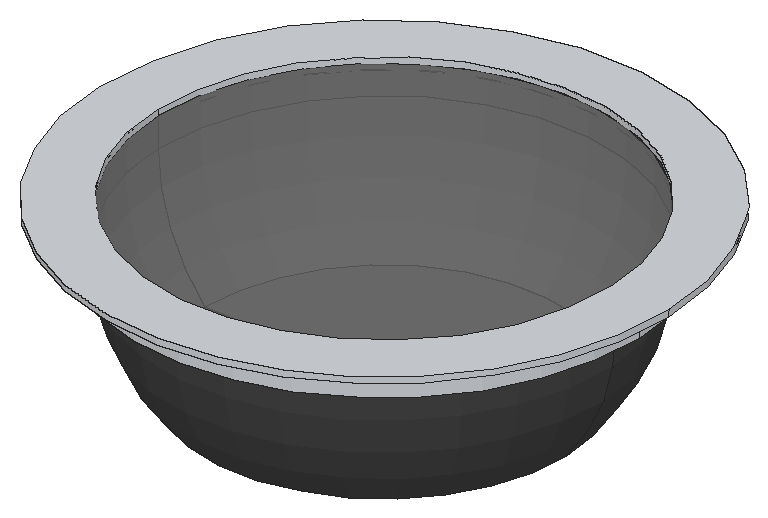
Revit family "3031852 Lighting Fixture_Sylvania_Syl-Lighter II_Ceiling Recessed", category Lighting Fixtures, host Face, Revit 2017
Family settings
  Host = Face
  Round Connector Dimension = Use Diameter
  Part Type = Normal
  OmniClass Number = 23.80.70.11.17
  OmniClass Title = Specialized Lighting by Location or Use
  Cut with Voids When Loaded = No
  Light Source = Yes
  Shared = No
  Room Calculation Point = No
Parameters (values of type "Syl-Lighter LED II 195 RO 15W NW 1-10V")
  Weight = 0.45 kg
  Wattage = 15.4875 W
  built-in parameter 1150110 = 1 (stored number, unit not read)
  Voltage Comments = "UNV (Universal Voltage; 220-240 Volt)"  # constant formula
  Voltage = 240 V  # constant formula
  URL = "http://www.sylvania-lighting.com"
  built-in parameter 1114217 = 1 (stored number, unit not read)
  Tilt Angle = -90.00°  # constant formula
  built-in parameter 1150109 = 1 (stored number, unit not read)
  built-in parameter 1150134 = 12
  Ta Rating = "-10°C to +40°C"  # constant formula
  built-in parameter 1150113 = 1 (stored number, unit not read)
  Recessed Depth = Height  # 55.0 mm
  IP Rating = "IP44"  # constant formula
  IK Rating = "IK07"  # constant formula
  Energy Class = "A++, A+, A"  # constant formula
  Dimmable = "DALI"  # constant formula
  Catalog Number = "3031852 Syl-Lighter LED II 195 RO 15W NW 1-10V"
  Body Material = Metal_Sylvania_Syl-Lighter LED II_Silver
  Product Page URL = "http://www.sylvania-lighting.com/product/en-int/products/3031852"
  Product Family = "SYL-LIGHTER LED II"  # constant formula
  Photometry Comments = ""
  Photometric Web File = "3031852.ies"
  built-in parameter 1150105 = 121.59 (stored number, unit not read)
  Lumens = 1528 lm
  built-in parameter 1150115 = 1 (stored number, unit not read)
  built-in parameter 1150137 = (empty or 0)
  built-in parameter 1150139 = (empty or 0)
  Life = "50 000h"  # constant formula
  built-in parameter 1150112 = 1 (stored number, unit not read)
  built-in parameter 1150114 = 1 (stored number, unit not read)
  Lamp Comments = "Integrated LED"
  built-in parameter 1150132 = 2
  built-in parameter 1150102 = (empty or 0)
  built-in parameter 1150107 = 4000 (stored number, unit not read)
  built-in parameter 1150138 = (empty or 0)
  built-in parameter 1150106 = 1.2159 (stored number, unit not read)
  Glow Wire Test = 650 °C  # constant formula
  Emit from Circle Diameter = Diffuser Diameter  # 155.0 mm
  Emit Shape Visible in Rendering = no
  built-in parameter 1150104 = 9.1658 (stored number, unit not read)
  Drive Current = "380mA"
  Dimming Lamp Color Temperature Shift = <None>
  Diffuser Radius = Diffuser Diameter / 2  # 77.5 mm
  Diffuser Diameter = Diameter - 20.0 mm  # 155.0 mm
  Inner Diameter = Diameter - 4.0 mm  # 171.0 mm
  Cutout Diameter = Diameter  # 175.0 mm
  Color Filter = 16777215
  Beam Angle = 74.00°
  built-in parameter 1114218 = 1 (stored number, unit not read)
  built-in parameter 1150133 = 10 (stored number, unit not read)
  Height = 55.0 mm
  Electrical Protection = "CLASS II"  # constant formula
  built-in parameter 1114216 [instance] = 1 (stored number, unit not read)
  Model = "Syl-Lighter LED II 195 RO 16W NW 1-10V"
  Manufacturer = "Feilo Sylvania"  # constant formula
  Lamp = "LED"
  Diffuser Material = Polycarbonate_Sylvania_Syl-Lighter LED II_Opal
  Description = "Ceiling recessed IP44 LED downlight, perfect where limited ceiling void is available with only 55mm product depth and 175mm cutout. Ideal replacement for 1x32W/2x18W CFL downlights. The polycarbonate diffuser allows for a wider light distribution and increased spacings between luminiares. Loop in loop out connector allows for quick installation. Die-cast aluminium body, 1528LM, 16W, 96lm/W, 4000K, Driver Current: 380mA, CRI80, 74° beam angle, 1-10V dimmable LED driver, IP44, IK07, 50,000 hrs (L70), (HxW) 55x195mm, 5 step MacAdam ellipse, 0.45kg, RAL9003, Class 2, 220-240V, energy class: A++, A+, A"  # constant formula
  Default Elevation = 0.0 mm
  built-in parameter 1140040 [instance] = 1
  Assembly Code = "D5020200"
  Apparent Load Comments = ""
  Apparent Load = 16 VA
  Accessory Radius = Accessory Diameter / 2  # 97.5 mm
  Accessory Material = Aluminum_Sylvania_Syl-Lighter LED II_White_RAL 9003
  Diameter = 175.0 mm
  Accessory Diameter = 195.0 mm
Reference planes
  plane 1 "Center (Front/Back)": y = 0
  plane 2: z = 0
  plane 3 "Center (Left/Right)": x = 0
  plane 4 "Fixture Bottom": z = 2
  plane 5: z = -10
  plane 6 "Fixture Top": z = -55
  plane 7: z = -2
Forms (mm)
  Extrusion 1, void
    sketch origin (0, 0, 58) x (-1, 0, 0) y (0, -1, 0)
      loop
        circle (0, 0) r 87.5
    from -171 to -55
  Extrusion 2, solid, detail levels fine
    sketch origin (0, 0, 58) x (-1, 0, 0) y (0, -1, 0)
      loop
        circle (0, 0) r 87.5
      loop
        circle (0, 0) r 85.5
    from -68 to -58
  Extrusion 3, solid, detail levels fine
    sketch origin (0, 0, 58) x (-1, 0, 0) y (0, -1, 0)
      loop
        circle (0, 0) r 97.5
      loop
        circle (0, 0) r 77.5
    from -58 to -56
  Extrusion 4, solid, material "Polycarbonate_Sylvania_Syl-Lighter LED II_Opal" <- "Diffuser Material", detail levels fine
    sketch origin (0, 0, 58) x (-1, 0, 0) y (0, -1, 0)
      loop
        circle (0, 0) r 77.5
    from -60 to -58
  Revolve 5, solid, material "Metal_Sylvania_Syl-Lighter LED II_Silver" <- "Body Material", detail levels fine
    sketch origin (0, 0, 0) x (1, 0, 0) y (0, 0, 1)
      loop
        line (-77.5, 0) -> (-79.5, 0) -> (-79.5, -10)
        arc (-79.5, -10) -> (-75.108, -34.052) -> (-62.5, -55) r 68.059
        line (-62.5, -55) -> (0, -55) -> (0, -53) -> (-61.589, -53)
        arc (-61.589, -53) -> (-73.395, -32.925) -> (-77.5, -10) r 66.059
        line (-77.5, -10) -> (-77.5, 0)
      axis (0, -55) -> (0, 0)
    angle from 0 to 360
  Revolve 6, solid, material "Aluminum_Sylvania_Syl-Lighter LED II_White_RAL 9003" <- "Accessory Material", detail levels coarse+medium
    sketch origin (0, 0, 0) x (1, 0, 0) y (0, 0, 1)
      loop
        line (-97.5, 2) -> (-97.5, 0) -> (-90, 0) -> (-90, -10) -> (-82, -10)
        arc (-82, -10) -> (-77.608, -34.052) -> (-65, -55) r 68.059
        line (-65, -55) -> (0, -55) -> (0, 2) -> (-97.5, 2)
      axis (0, 2) -> (0, -55)
    angle from 0 to 360
Cuts and joins
  joined: Extrusion 2, Extrusion 3
Lines and regions (mm)
  Masking region 1
    outline origin (0, 0, 58) x (-1, 0, 0) y (0, -1, 0)
      loop
        circle (0, 0) r 97.5
  symbolic lines, detail levels fine
    curve 1: arc (-77.5, 0, 58) -> (0, 77.5, 58) -> (77.5, 0, 58) r 77.5
    curve 2: arc (77.5, 0, 58) -> (0, -77.5, 58) -> (-77.5, 0, 58) r 77.5
Dimensions and locks
  locked: plane 4 "Fixture Bottom" to plane 2 at 2
  locked: plane 2 to plane 5 at 10
  "Height": plane 2 to plane 6 "Fixture Top"
  locked: plane 2 to plane 7 at 2
  "Diffuser Radius": plane 3 "Center (Left/Right)" to Revolve 5 sketch curve
  locked: Revolve 5 sketch curve to Revolve 5 sketch curve at 2
  locked: Revolve 5 sketch curve to Revolve 5 sketch curve at 15
  "Accessory Radius": plane 3 "Center (Left/Right)" to Revolve 6 sketch curve
  Revolve 6 sketch curve to Revolve 6 sketch curve to Revolve 6 sketch curve to Revolve 6 sketch curve = 7.5 mm locked, 8.0 mm locked, 17.0 mm locked
  "Cutout Diameter": diameter of Extrusion 1 sketch curve
  "Diameter": diameter of Extrusion 2 sketch curve
  "Inner Diameter": diameter of Extrusion 2 sketch curve
  "Accessory Diameter": diameter of Extrusion 3 sketch curve
  "Diffuser Diameter": diameter of Extrusion 3 sketch curve
  "Diffuser Diameter": diameter of Extrusion 4 sketch curve
  "Accessory Diameter": diameter of Masking region 1 sketch curve
  aligned and locked: host face to plane 2
  aligned and locked: host face to level
  aligned and locked: plane 4 "Fixture Bottom" to Extrusion 3
  aligned and locked: Extrusion 3 to plane 2
  aligned and locked: Extrusion 2 to plane 5
  aligned and locked: plane 2 to Extrusion 2
  aligned and locked: Extrusion 4 to plane 7
  aligned and locked: plane 2 to Extrusion 4
  aligned and locked: Revolve 5 sketch curve to plane 2
  aligned and locked: plane 5 to Revolve 5 sketch curve  (x2)
  aligned and locked: Revolve 5 sketch curve to plane 3 "Center (Left/Right)"
  aligned and locked: plane 3 "Center (Left/Right)" to Revolve 5 sketch curve
  aligned and locked: Revolve 6 sketch curve to plane 5
  aligned and locked: Revolve 6 sketch curve to plane 2
  aligned and locked: Revolve 6 sketch curve to plane 4 "Fixture Bottom"
  aligned and locked: plane 3 "Center (Left/Right)" to Revolve 6 sketch curve
  aligned and locked: Revolve 6 sketch curve to plane 3 "Center (Left/Right)"
  aligned and locked: plane 3 "Center (Left/Right)" to imposter light
  aligned and locked: imposter light to plane 1 "Center (Front/Back)"
  aligned and locked: imposter light to plane 4 "Fixture Bottom"
  aligned and locked: curve 1 to cut or joined group of Extrusion 2, Extrusion 3
Automatic sketch dimensions
  host sketch curve to host sketch curve = 700.0 mm
  host sketch curve to host sketch curve = 620.0 mm
  plane 1 "Center (Front/Back)" to Extrusion 1 sketch curve = 0.0 mm
  Extrusion 1 sketch curve to plane 3 "Center (Left/Right)" = 0.0 mm
  Extrusion 2 sketch curve to Extrusion 2 sketch curve = 0.0 mm  (x2)
  plane 1 "Center (Front/Back)" to Extrusion 2 sketch curve = 0.0 mm
  Extrusion 2 sketch curve to plane 3 "Center (Left/Right)" = 0.0 mm
  Extrusion 3 sketch curve to Extrusion 3 sketch curve = 0.0 mm  (x2)
  plane 1 "Center (Front/Back)" to Extrusion 3 sketch curve = 0.0 mm
  Extrusion 3 sketch curve to plane 3 "Center (Left/Right)" = 0.0 mm
  plane 1 "Center (Front/Back)" to Extrusion 4 sketch curve = 0.0 mm
  Extrusion 4 sketch curve to plane 3 "Center (Left/Right)" = 0.0 mm
  Revolve 5 sketch curve to Revolve 5 sketch curve = 0.0 mm
  Revolve 5 sketch curve to plane 6 "Fixture Top" = 0.0 mm
  plane 6 "Fixture Top" to Revolve 5 sketch curve = 2.0 mm
  Revolve 5 sketch curve to Revolve 5 sketch curve = 17.111 mm
  plane 4 "Fixture Bottom" to Revolve 5 sketch curve = 20.889 mm
  Revolve 6 sketch curve to plane 6 "Fixture Top" = 0.0 mm
  Revolve 6 sketch curve to plane 6 "Fixture Top" = 63.885 mm
  Revolve 6 sketch curve to Revolve 6 sketch curve = 84.115 mm
  plane 1 "Center (Front/Back)" to Masking region 1 sketch curve = 0.0 mm
  Masking region 1 sketch curve to plane 3 "Center (Left/Right)" = 0.0 mm
Connectors
  electrical at (0, 0, -55), driven by "Apparent Load", driven by "Voltage"
    settings: on Revolve 5, index 1, voltage 240 V, apparent load 0 VA, apparent load phase1 16 VA, apparent load phase2 0 VA, apparent load phase3 0 VA, power factor 1, load classification "Lighting", number of poles 1, system type 31, power factor state 1, is connector primary yes, connector utility no, sub classification motor no, connector description ""
